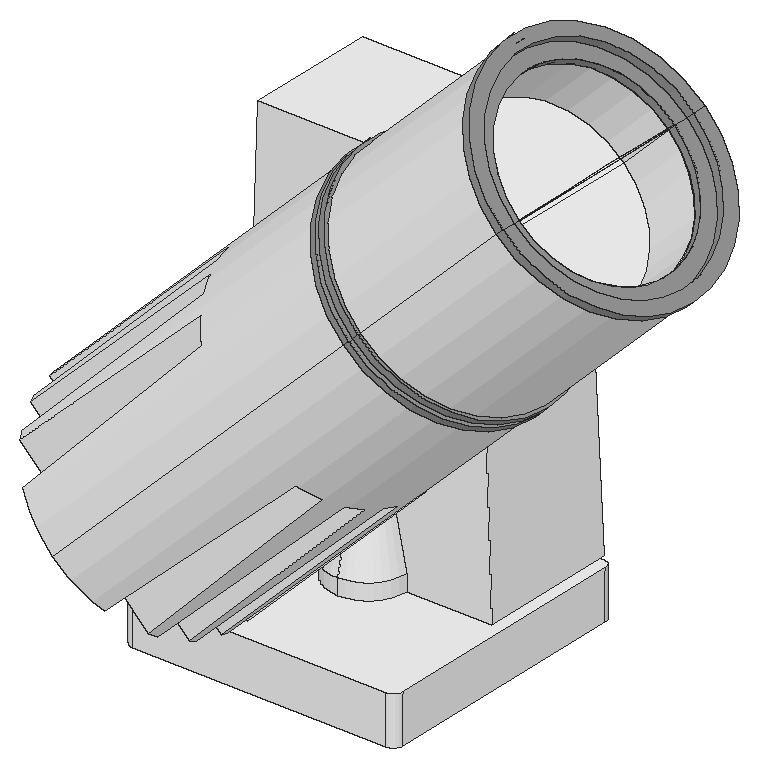
Revit family "2055960", category Lighting Fixtures, host Face, Revit 2016
Family settings
  Host = Face
  Part Type = Normal
  Round Connector Dimension = Use Diameter
  OmniClass Number = 23.80.70.00
  OmniClass Title = Lighting
  Cut with Voids When Loaded = No
  Light Source = No
  Shared = No
  Room Calculation Point = No
Parameters (values of type "2055960 BCON PRJ FRAM O/B SM 3K WH")
  Weight = "1.365 kg"
  Wattage Comments = ""
  WarrantyStartDate [instance] = "n/a"
  WarrantyGuarantorParts = "n/a"
  WarrantyDurationUnit = "n/a"
  WarrantyDurationParts = "n/a"
  WarrantyDescription = "n/a"
  Voltage = 230 V
  URL = "http://www.sylvania-lighting.com"
  TypeName = "BCON PRJ FRAM O/B SM 3K WH"
  TypeHead_SYL = Beacon LED Projector Framing Head : 2055960 BCON PRJ FRAM O/B SM 3K WH
  Type Image = <None>
  Type Comments = "n/a"
  Track_SYL = no
  Surface_SYL = not(Track_SYL)  # yes
  SerialNumber [instance] = "n/a"
  Material_3_SYL = none
  PowerFactor = 0.95
  PowerConsumption = "35 W"
  NominalLength = 0 mm
  NominalHeight = 215 mm
  NominalDepth = 185 mm
  Name = "BCON PRJ FRAM O/B SM 3K WH"
  ModelReference = Name  # "BCON PRJ FRAM O/B SM 3K WH"
  ModelNumber = "2055960"
  Model = Name  # "BCON PRJ FRAM O/B SM 3K WH"
  Material = "aluminium housing"
  ManufacturerName = "Feilo Sylvania"
  Manufacturer = "Feilo Sylvania"
  LuminousEfficacy = "14 lm/W"
  LuminaireType = ""
  LightOutputRatio = "100"
  LampsType = Lamp  # "LED"
  LampNominalLuminous = "474 lm"
  LampMacAdamStep = "3"
  LampColourTemperature = "3000 K"
  LampColourRenderingIndex = "97"
  Lamp = "LED"
  Keynote = "16500"
  InstallationDate [instance] = "n/a"
  InputVoltage = "AC 230 V"
  InputNominalFrequency = "50/60 Hz"
  IngressProtection = "IP20"
  ImpactProtectionIndex = "IK02"
  IfcExportType = "IfcLightFixtureType"
  IfcExportAs = "IfcLightFixtureType"
  HorizontalRotation_SYL [instance] = 0.00°
  EndAngle_SYL [instance] = HorizontalRotation_SYL + 180.00°  # 180.00°
  ElectricShockClassification = "Class II"
  DocumentationLiterature = "http://www.sylvania-lighting.com/product/en-int/products/2055960"
  DimmingControlOptions = "n/a"
  Material_2_SYL = Body-Sylvania-Black
  Description = "Beacon Projector offers precision light exactly where it is needed. The Framing Projector has four adjustable arms allowing the beam to be framed to the desired size shape (square/rectangle or irregular 4 sided shapes).High colour rendering CRI 97 typical. IR/UV free light source without heat radiation. LED technology provides an energy efficient solution with reduced maintenance costs."
  Default Elevation = 1219.2 mm
  CreatedOn = "3/14/2019"
  CreatedBy = "@sylvania-lighting.com"
  Cost = 0
  built-in parameter 1114216 [instance] = (empty or 0)
  ClassificationValue = "EF_70_80"
  ClassificationName = "Uniclass2015"
  Material_1_SYL = Body-Sylvania-White
  BarCode [instance] = "n/a"
  AssetType = "Fixed"
  AssetIdentifier [instance] = "n/a"
  Assembly Code = "D5020200"
  Apparent Load = 35 VA
  Material_4_SYL = none
Reference planes
  plane 1 "Center (Front/Back)": y = 0
  plane 2: z = 0
  plane 3 "Center (Left/Right)": x = 0
  plane 4: x = 7
  plane 5: x = -7
  plane 6: z = -34.5
  plane 7: z = 15
  plane 8: x = 18.5
  plane 9: x = -18.5
  plane 10: y = 48.5
  plane 11: y = -48.5
  plane 12: y = 34.5
  plane 13: y = -34.5
  plane 14: y = 77
  plane 15: y = -8
  plane 16: x = 42.5
  plane 17: x = -42.5
Forms (mm)
  Extrusion 1, solid, material "Body-Sylvania-White" <- "Material_1_SYL", visible <- "Track_SYL"
    sketch origin (0, 0, 0) x (1, 0, 0) y (0, 0, 1)
      loop
        line (-18.5, 15) -> (-18.5, 0) -> (-7, 0) -> (-7, -34.5) -> (7, -34.5) -> (7, 0) -> (18.5, 0) -> (18.5, 15) -> (-18.5, 15)
    from -48.5 to 48.5
  Extrusion 2, void
    sketch origin (0, 0, 0) x (1, 0, 0) y (0, 1, 0)
      loop
        arc (-18.5, 34.5) -> (0, 48.5) -> (18.5, 34.5) r 19.223
        line (18.5, 34.5) -> (21.5, 34.5) -> (21.5, 54.5) -> (-23.5, 54.5) -> (-23.5, 34.5) -> (-18.5, 34.5)
      loop
        line (-18.5, -34.5) -> (-23.5, -34.5) -> (-23.5, -54.5) -> (21.5, -54.5) -> (21.5, -34.5) -> (18.5, -34.5)
        arc (18.5, -34.5) -> (0, -48.5) -> (-18.5, -34.5) r 19.223
    from -34.5 to 15
  Revolve 3, solid, not visible
    sketch origin (0, 0, 0) x (0, 1, 0) y (0, 0, 1)
      loop
        line (34.5, 15) -> (48.5, 15) -> (48.5, 39.844) -> (34.5, 39.844) -> (34.5, 15)
      axis (34.5, 15) -> (34.5, 39.844)
    angle from 0 <- "HorizontalRotation_SYL" to 180 <- "EndAngle_SYL"
  Extrusion 4, solid, material "Body-Sylvania-White" <- "Material_1_SYL", visible <- "Surface_SYL"
    sketch origin (0, 0, 0) x (1, 0, 0) y (0, 1, 0)
      loop
        arc (39.5, -8) -> (41.621, -7.121) -> (42.5, -5) r 3
        line (42.5, -5) -> (42.5, 74)
        arc (42.5, 74) -> (41.621, 76.121) -> (39.5, 77) r 3
        line (39.5, 77) -> (-39.5, 77)
        arc (-39.5, 77) -> (-41.621, 76.121) -> (-42.5, 74) r 3
        line (-42.5, 74) -> (-42.5, -5)
        arc (-42.5, -5) -> (-41.621, -7.121) -> (-39.5, -8) r 3
        line (-39.5, -8) -> (39.5, -8)
    from 0 to 15
Cuts and joins
  Extrusion 2 cuts Extrusion 1
Dimensions and locks
  plane 8 to plane 4 to plane 3 "Center (Left/Right)" to plane 5 to plane 9 = 11.5 mm locked, 7 mm locked, 7 mm locked, 11.5 mm locked
  plane 7 to level to plane 6 = 15 mm locked, 34.5 mm locked
  plane 11 to plane 1 "Center (Front/Back)" to plane 10 = 48.5 mm locked, 48.5 mm locked
  plane 13 to plane 1 "Center (Front/Back)" to plane 12 = 34.5 mm locked, 34.5 mm locked
  plane 15 to plane 12 to plane 14 = 42.5 mm locked, 42.5 mm locked
  plane 16 to plane 3 "Center (Left/Right)" to plane 17 = 42.5 mm locked, 42.5 mm locked
  aligned and locked: plane 2 to host face
  aligned and locked: level to host face
  aligned and locked: plane 7 to Extrusion 1 sketch curve
  aligned and locked: level to Extrusion 1 sketch curve
  aligned and locked: Extrusion 1 sketch curve to plane 8
  aligned and locked: Extrusion 1 sketch curve to plane 6
  aligned and locked: Extrusion 1 sketch curve to plane 4
  aligned and locked: plane 5 to Extrusion 1 sketch curve
  aligned and locked: Extrusion 1 sketch curve to level
  aligned and locked: Extrusion 1 to plane 10
  aligned and locked: plane 11 to Extrusion 1
  aligned and locked: plane 12 to Extrusion 2 sketch curve  (x2)
  aligned and locked: plane 8 to Extrusion 2 sketch curve
  aligned and locked: plane 9 to Extrusion 2 sketch curve
  aligned and locked: plane 13 to Extrusion 2 sketch curve  (x3)
  aligned and locked: Extrusion 2 sketch curve to Extrusion 2 sketch curve  (x2)
  aligned and locked: plane 6 to Extrusion 2
  aligned and locked: Extrusion 2 to plane 7
  aligned and locked: Revolve 3 sketch curve to plane 12
  aligned and locked: Revolve 3 sketch curve to cut or joined group of Extrusion 1, Extrusion 2  (x2)
  aligned and locked: Revolve 3 sketch curve to plane 10
  aligned and locked: Extrusion 4 sketch curve to plane 15
  aligned and locked: Extrusion 4 sketch curve to plane 16
  aligned and locked: plane 14 to Extrusion 4 sketch curve
  aligned and locked: plane 17 to Extrusion 4 sketch curve
  aligned and locked: Extrusion 4 to plane 7
  aligned and locked: Extrusion 4 to level
  aligned and locked: nested 2 to plane 12
Nested families
  nested 1: "Beacon LED Projector Framing Gearbox" at (0, 34.5, 15) x (0, 1, 0) z (1, 0, 0), type "Type Name"
    with VerticalRotation_SYL -45.00°, EndAngle_SYL 135.00°
  nested 2: "Beacon LED Projector Framing Head" at (0, -10.5, 78) x (0, 1, 0) z (0.7071, 0, 0.7071), type <- "TypeHead_SYL", type "2055960 BCON PRJ FRAM O/B SM 3K WH"
    with built-in parameter 1114216 (empty or 0)
Connectors
  electrical at (0, 34.5, 0), driven by "Voltage", driven by "Apparent Load", driven by "PowerFactor"
    settings: on Extrusion 4, index 1, voltage 230 V, apparent load 35 VA, apparent load phase1 0 VA, apparent load phase2 0 VA, apparent load phase3 0 VA, power factor 0.95, load classification "Other", number of poles 1, system type 30, power factor state 1, is connector primary yes, connector utility no, sub classification motor no, connector description ""
Definition of nested family "Beacon LED Projector Framing Gearbox"
  Parameters (values of type "Type Name")
    VerticalRotation_SYL [instance] = 0.00°
    URL = "http://www.sylvania-lighting.com"
    Type Image = (empty or 0)
    Type Comments = "n/a"
    Material_3_SYL = none
    Model = ""
    Manufacturer = "Feilo Sylvania"
    Keynote = ""
    Material_2_SYL = none
    EndAngle_SYL [instance] = VerticalRotation_SYL + 180.00°  # 180.00°
    Description = ""
    Default Elevation = 1219.2 mm
    Cost = 0
    Material_1_SYL = none
    Assembly Code = ""
    Material_4_SYL = none
  Reference planes
    plane 1 "Center (Front/Back)": y = 0
    plane 2: z = 0
    plane 3 "Center (Left/Right)": x = 0
    plane 4: y = 5
    plane 5: y = 63
    plane 6: y = 47
    plane 7: y = 121
    plane 8: x = -3
    plane 9: x = -12
    plane 10: x = 41
    plane 11: x = 44
    plane 12: z = 38.5
    plane 13: z = -38.5
    plane 14: z = 34.5
    plane 15: z = -34.5
  Forms (mm)
    Extrusion 1, solid
      sketch origin (4.2, 0, 0) x (1, 0, 0) y (0, 1, 0)
        loop
          line (-1219.2, 1219.2) -> (-1219.2, -1219.2) -> (1219.2, -1219.2) -> (1219.2, 1219.2) -> (-1219.2, 1219.2)
      from 0 to -68.017
    Revolve 2, solid, material <- "Material_1_SYL"
      sketch origin (0, 0, 0) x (1, 0, 0) y (0, 1, 0)
        loop
          line (0, 0) -> (0, 47) -> (-3, 47) -> (-12, 5) -> (-12, 0) -> (0, 0)
        axis (0, 47) -> (0, 0)
      angle from 360 to 0
    Blend 3, solid, material <- "Material_1_SYL"
      base sketch origin (0, 0, 0) x (1, 0, 0) y (0, 0, 1)
        loop
          line (0, -38.5) -> (44, -38.5) -> (44, 38.5) -> (0, 38.5) -> (0, -38.5)
      top sketch origin (0, 0, 0) x (1, 0, 0) y (0, 0, 1)
        loop
          line (0, 34.5) -> (0, -34.5) -> (41, -34.5) -> (41, 34.5) -> (0, 34.5)
      from 0 to -121
    Revolve 4, solid, not visible
      sketch origin (0, 0, 0) x (1, 0, 0) y (0, 1, 0)
        loop
          line (0, 63) -> (-12, 63) -> (-12, 47) -> (0, 47) -> (0, 63)
        axis (0, 63) -> (-12, 63)
      angle from 0 <- "VerticalRotation_SYL" to 180 <- "EndAngle_SYL"
  Cuts and joins
    joined: Revolve 2, Blend 3
  Dimensions and locks
    plane 3 "Center (Left/Right)" to plane 10 to plane 11 = 41 mm locked, 3 mm locked
    plane 9 to plane 8 to plane 3 "Center (Left/Right)" = 9 mm locked, 3 mm locked
    plane 1 "Center (Front/Back)" to plane 4 to plane 6 to plane 5 to plane 7 = 5 mm locked, 42 mm locked, 16 mm locked, 58 mm locked
    plane 14 to level to plane 15 = 34.5 mm locked, 34.5 mm locked
    locked: plane 12 to plane 14 at 4
    locked: plane 15 to plane 13 at 4
    aligned and locked: plane 2 to Extrusion 1
    aligned and locked: level to Extrusion 1
    aligned and locked: Revolve 2 sketch curve to plane 3 "Center (Left/Right)"  (x2)
    aligned and locked: Revolve 2 sketch curve to Revolve 2 sketch curve
    aligned and locked: Revolve 2 sketch curve to plane 1 "Center (Front/Back)"
    aligned and locked: plane 4 to Revolve 2 sketch curve
    aligned and locked: plane 9 to Revolve 2 sketch curve
    aligned and locked: plane 6 to Revolve 2 sketch curve  (x2)
    aligned and locked: plane 3 "Center (Left/Right)" to Revolve 2 sketch curve
    aligned and locked: plane 13 to Blend 3 sketch curve
    aligned and locked: Blend 3 sketch curve to plane 3 "Center (Left/Right)"
    aligned and locked: Blend 3 sketch curve to plane 12
    aligned and locked: plane 11 to Blend 3 sketch curve
    aligned and locked: plane 14 to Blend 3 sketch curve
    aligned and locked: Blend 3 sketch curve to plane 15
    aligned and locked: Blend 3 sketch curve to plane 10
    aligned and locked: Blend 3 to plane 7
    aligned and locked: plane 1 "Center (Front/Back)" to Blend 3
    aligned and locked: Revolve 4 sketch curve to plane 5
    aligned and locked: Revolve 4 sketch curve to Revolve 4 sketch curve
    aligned and locked: plane 3 "Center (Left/Right)" to Revolve 4 sketch curve
    aligned and locked: plane 6 to Revolve 4 sketch curve
    aligned and locked: Revolve 4 sketch curve to plane 9
Definition of nested family "Beacon LED Projector Framing Head"
  Parameters (values of type "2055967 BCON PRJ FRAM DALI L3 4K BLK")
    Wattage Comments = "n/a"
    Wattage = 35 W
    built-in parameter 1150110 = 1 (stored number, unit not read)
    URL = "http://www.sylvania-lighting.com"
    Type Image = (empty or 0)
    Type Comments = "n/a"
    built-in parameter 1114217 = 1 (stored number, unit not read)
    Tilt Angle = -90.00°
    built-in parameter 1150109 = 1 (stored number, unit not read)
    built-in parameter 1150134 = 12
    built-in parameter 1150113 = 1 (stored number, unit not read)
    Photometric Web File = "spot_ideal.ies"
    Material_3_SYL = none
    Model = "BCON PRJ FRAM DALI L3 4K BLK"
    Manufacturer = "Feilo Sylvania"
    built-in parameter 1150105 = 49 (stored number, unit not read)
    Lumens = 490 lm
    built-in parameter 1150115 = 1 (stored number, unit not read)
    built-in parameter 1150137 = (empty or 0)
    built-in parameter 1150139 = (empty or 0)
    built-in parameter 1150112 = 1 (stored number, unit not read)
    built-in parameter 1150114 = 1 (stored number, unit not read)
    Lamp = "LED"
    Keynote = "16500"
    Material_2_SYL = none
    built-in parameter 1150132 = (empty or 0)
    built-in parameter 1150102 = (empty or 0)
    built-in parameter 1150107 = 4000 (stored number, unit not read)
    built-in parameter 1150138 = (empty or 0)
    built-in parameter 1150106 = 0.49 (stored number, unit not read)
    Emit from Circle Diameter = 61 mm
    Emit Shape Visible in Rendering = no
    built-in parameter 1150104 = 1.3006 (stored number, unit not read)
    Dimming Lamp Color Temperature Shift = (empty or 0)
    Description = "Beacon Projector offers precision light exactly where it is needed. The Framing Projector has four adjustable arms allowing the beam to be framed to the desired size shape (square/rectangle or irregular 4 sided shapes).High colour rendering CRI 97 typical. IR/UV free light source without heat radiation. LED technology provides an energy efficient solution with reduced maintenance costs."
    Default Elevation = 1219.2 mm
    Cost = 0
    Color Filter = 16777215
    built-in parameter 1114216 [instance] = (empty or 0)
    Material_1_SYL = none
    built-in parameter 1114218 = 1 (stored number, unit not read)
    built-in parameter 1150133 = 10 (stored number, unit not read)
    Assembly Code = "D5020200"
    Apparent Load = 35 VA
    Material_4_SYL = none
  Types (12, lengths in mm): name | built-in parameter 1150134 | Model | built-in parameter 1150107
    2055967 BCON PRJ FRAM DALI L3 4K BLK | 12 | "BCON PRJ FRAM DALI L3 4K BLK" | 4000 (stored number, unit not read)
    2055966 BCON PRJ FRAM DALI L3 4K WH | 12 | "BCON PRJ FRAM DALI L3 4K WH" | 4000 (stored number, unit not read)
    2055965 BCON PRJ FRAM DALI L3 3K BLK | (empty or 0) | "BCON PRJ FRAM DALI L3 3K BLK" | 3000 (stored number, unit not read)
    2055964 BCON PRJ FRAM DALI L3 3K WH | (empty or 0) | "BCON PRJ FRAM DALI L3 3K WH" | 3000 (stored number, unit not read)
    2055963 BCON PRJ FRAM O/B SM 4K BLK | 12 | "BCON PRJ FRAM O/B SM 4K BLK" | 4000 (stored number, unit not read)
    2055962 BCON PRJ FRAM O/B SM 4K WH | 12 | "BCON PRJ FRAM O/B SM 4K WH" | 4000 (stored number, unit not read)
    2055961 BCON PRJ FRAM O/B SM 3K BLK | (empty or 0) | "BCON PRJ FRAM O/B SM 3K BLK" | 3000 (stored number, unit not read)
    2055960 BCON PRJ FRAM O/B SM 3K WH | (empty or 0) | "BCON PRJ FRAM O/B SM 3K WH" | 3000 (stored number, unit not read)
    2055959 BCON PRJ FRAM O/B L3 4K BLK | 12 | "BCON PRJ FRAM O/B L3 4K BLK" | 4000 (stored number, unit not read)
    2055958 BCON PRJ FRAM O/B L3 4K WH | 12 | "BCON PRJ FRAM O/B L3 4K WH" | 4000 (stored number, unit not read)
    2055957 BCON PRJ FRAM O/B L3 3K BLK | (empty or 0) | "BCON PRJ FRAM O/B L3 3K BLK" | 3000 (stored number, unit not read)
    2055956 BCON PRJ FRAM O/B L3 3K WH | (empty or 0) | "BCON PRJ FRAM O/B L3 3K WH" | 3000 (stored number, unit not read)
  Reference planes
    plane 1 "Center (Front/Back)": y = 0
    plane 2: z = 0
    plane 3 "Center (Left/Right)": x = 0
    plane 4: x = 39.5
    plane 5: x = -39.5
    plane 6: z = -45
    plane 7: z = 155
    plane 8: z = 152.4
    plane 9: x = -38.5
    plane 10: z = 91
    plane 11: z = 84.75
    plane 12: z = 35
    plane 13: x = -35.25
    plane 14: z = 151.937
    plane 15: x = -30.5
    plane 16: z = 149.187
    plane 17: z = 88.75
    plane 18: z = 87
    plane 19: x = -37.5
    plane 20: z = 129.187
    plane 21: x = -2.5
    plane 22: x = 2.5
    plane 23: x = -4
    plane 24: x = 4
    plane 25: z = 15
    plane 26: z = -15
    plane 27: x = 45
    plane 28: x = 14.75
  Forms (mm)
    Extrusion 1, solid
      sketch origin (4.2, 0, 0) x (1, 0, 0) y (0, 1, 0)
        loop
          line (-1219.2, 1219.2) -> (-1219.2, -1219.2) -> (1219.2, -1219.2) -> (1219.2, 1219.2) -> (-1219.2, 1219.2)
      from 0 to -68.017
    Revolve 2, solid, material <- "Material_2_SYL"
      sketch origin (0, 0, 0) x (1, 0, 0) y (0, 0, 1)
        loop
          line (-30.5, 149.188) -> (-30.5, 151.938) -> (-35.25, 151.938) -> (-35.25, 155) -> (-39.5, 155) -> (-39.5, 152.4) -> (-37.5, 152.4) -> (-37.5, 149.188) -> (-30.5, 149.188)
        axis (0, 155) -> (0, 149.188)
      angle from 360 to 0
    Revolve 3, solid, material <- "Material_3_SYL"
      sketch origin (0, 0, 0) x (1, 0, 0) y (0, 0, 1)
        loop
          arc (0, 156.729) -> (-15.437, 155.524) -> (-30.5, 151.938) r 99.476
          line (-30.5, 151.938) -> (-30.5, 149.188) -> (0, 149.188) -> (0, 156.729)
        axis (0, 156.729) -> (0, 149.188)
      angle from 360 to 0
    Revolve 4, solid, material <- "Material_1_SYL"
      sketch origin (0, 0, 0) x (1, 0, 0) y (0, 0, 1)
        loop
          line (-38.5, 152.4) -> (-38.5, 91) -> (-35.25, 91) -> (-35.25, 84.75) -> (-38.5, 84.75) -> (-38.5, -45) -> (0, -45) -> (0, 129.187) -> (-30.5, 129.187) -> (-30.5, 149.188) -> (-37.5, 149.188) -> (-37.5, 152.4) -> (-38.5, 152.4)
        axis (0, 152.4) -> (0, -45)
      angle from 360 to 0
    Revolve 5, solid, material <- "Material_2_SYL"
      sketch origin (0, 0, 0) x (1, 0, 0) y (0, 0, 1)
        loop
          line (-39.5, 91) -> (-39.5, 88.75) -> (-37.5, 88.75) -> (-37.5, 87) -> (-39.5, 87) -> (-39.5, 84.75) -> (-35.25, 84.75) -> (-35.25, 91) -> (-39.5, 91)
        axis (0, 91) -> (0, 84.75)
      angle from 360 to 0
    Extrusion 6, void
      sketch origin (20, 0, 0) x (-1, 0, 0) y (0, 0, 1)
        loop
          line (17.5, 35) -> (16, -45) -> (24, -45) -> (22.5, 35) -> (17.5, 35)
      from -40 to 40
    Extrusion 7, void
      sketch origin (20, 0, 0) x (-1, 0, 0) y (0, 0, 1)
        loop
          line (27.5, 35) -> (26, -45) -> (34, -45) -> (32.5, 35) -> (27.5, 35)
      from -40 to 40
    Extrusion 8, void
      sketch origin (-20, 0, 0) x (1, 0, 0) y (0, 0, 1)
        loop
          line (2.5, 35) -> (-2.5, 35) -> (-4, -45) -> (4, -45) -> (2.5, 35)
      from -40 to 40
    Extrusion 9, void
      sketch origin (20, 0, 0) x (-1, 0, 0) y (0, 0, 1)
        loop
          line (47.5, 35) -> (46, -45) -> (54, -45) -> (52.5, 35) -> (47.5, 35)
      from -40 to 40
    Extrusion 10, void
      sketch origin (30, 0, 0) x (-1, 0, 0) y (0, 0, 1)
        loop
          line (2.5, 35) -> (-2.5, 35) -> (-4, -45) -> (4, -45) -> (2.5, 35)
      from -40 to 40
    Extrusion 11, void
      sketch origin (10, 0, 0) x (-1, 0, 0) y (0, 0, 1)
        loop
          line (2.5, 35) -> (-2.5, 35) -> (-4, -45) -> (4, -45) -> (2.5, 35)
      from -40 to 40
    Extrusion 12, void
      sketch origin (20, 0, 0) x (-1, 0, 0) y (0, 0, 1)
        loop
          line (2.5, 35) -> (-2.5, 35) -> (-4, -45) -> (4, -45) -> (2.5, 35)
      from -40 to 40
    Revolve 13, solid, material <- "Material_1_SYL"
      sketch origin (0, 0, 0) x (1, 0, 0) y (0, 0, 1)
        loop
          line (45, 15) -> (14.75, 15) -> (14.75, 0) -> (45, 0) -> (45, 15)
        axis (14.75, 0) -> (45, 0)
      angle from 360 to 0
  Cuts and joins
    Extrusion 6, Extrusion 7, Extrusion 8, Extrusion 9, Extrusion 10, Extrusion 11, Extrusion 12 cuts Revolve 4
    joined: Revolve 4, Revolve 13
  Lines and regions (mm)
    reference lines
      curve 1: line (-2.5, 0, 35) -> (-4, 0, -45)
      curve 2: line (4, 0, -45) -> (2.5, 0, 35)
  Dimensions and locks
    plane 7 to level to plane 6 = 155 mm locked, 45 mm locked
    equal spacing: plane 4, plane 3 "Center (Left/Right)", plane 5
    locked: plane 4 to plane 5 at 79
    locked: plane 7 to plane 10 at 64
    plane 10 to plane 11 = 6.25 mm
    locked: plane 7 to plane 12 at 120
    plane 3 "Center (Left/Right)" to plane 15 to plane 13 to plane 9 to plane 5 = 30.5 mm, 4.75 mm, 3.25 mm, 1 mm
    plane 7 to plane 8 to plane 14 to plane 16 = 2.6 mm locked, 0.463 mm locked, 2.75 mm locked
    locked: plane 3 "Center (Left/Right)" to plane 19 at 37.5
    locked: plane 16 to plane 20 at 20
    plane 10 to plane 17 to plane 18 = 2.25 mm locked, 1.75 mm locked
    plane 22 to plane 3 "Center (Left/Right)" to plane 21 = 2.5 mm locked, 2.5 mm locked
    plane 24 to plane 3 "Center (Left/Right)" to plane 23 = 4 mm locked, 4 mm locked
    equal spacing: group 4, group 3, group 2, group 1
    equal spacing: group 1, group 2, group 3, group 4  (x2)
    plane 25 to level to plane 26 = 15 mm locked, 15 mm locked
    locked: plane 27 to plane 3 "Center (Left/Right)" at 45
    locked: plane 28 to plane 3 "Center (Left/Right)" at 14.75
    aligned and locked: plane 2 to Extrusion 1
    aligned and locked: level to Extrusion 1
    aligned and locked: Revolve 2 sketch curve to plane 3 "Center (Left/Right)"
    aligned and locked: plane 16 to Revolve 2 sketch curve  (x2)
    aligned and locked: plane 15 to Revolve 2 sketch curve
    aligned and locked: plane 13 to Revolve 2 sketch curve
    aligned and locked: Revolve 2 sketch curve to plane 14
    aligned and locked: Revolve 2 sketch curve to plane 7
    aligned and locked: Revolve 2 sketch curve to plane 5
    aligned and locked: plane 8 to Revolve 2 sketch curve
    aligned and locked: Revolve 3 sketch curve to plane 3 "Center (Left/Right)"
    aligned and locked: Revolve 3 sketch curve to Revolve 2
    aligned and locked: Revolve 2 to Revolve 3 sketch curve
    aligned and locked: plane 3 "Center (Left/Right)" to Revolve 3 sketch curve
    aligned and locked: Revolve 4 sketch curve to plane 3 "Center (Left/Right)"
    aligned and locked: plane 10 to Revolve 4 sketch curve
    aligned and locked: Revolve 4 sketch curve to plane 13
    aligned and locked: Revolve 4 sketch curve to plane 11
    aligned and locked: Revolve 4 sketch curve to plane 9  (x2)
    aligned and locked: plane 6 to Revolve 4 sketch curve
    aligned and locked: plane 3 "Center (Left/Right)" to Revolve 4 sketch curve
    aligned and locked: plane 15 to Revolve 4 sketch curve
    aligned and locked: Revolve 4 sketch curve to plane 8
    aligned and locked: Revolve 2 sketch curve to plane 19
    aligned and locked: plane 19 to Revolve 4 sketch curve
    aligned and locked: Revolve 4 sketch curve to plane 20
    aligned and locked: Revolve 5 sketch curve to plane 3 "Center (Left/Right)"
    aligned and locked: plane 10 to Revolve 5 sketch curve
    aligned and locked: Revolve 5 sketch curve to plane 5  (x2)
    aligned and locked: plane 17 to Revolve 5 sketch curve
    aligned and locked: plane 18 to Revolve 5 sketch curve
    aligned and locked: Revolve 5 sketch curve to plane 19
    aligned and locked: plane 11 to Revolve 5 sketch curve
    aligned and locked: Revolve 5 sketch curve to Revolve 4  (x2)
    aligned and locked: plane 21 to curve 1
    aligned and locked: plane 23 to curve 1
    aligned and locked: plane 24 to curve 2
    aligned and locked: plane 22 to curve 2
    aligned and locked: Revolve 13 sketch curve to plane 25
    aligned and locked: plane 27 to Revolve 13 sketch curve
    aligned and locked: Revolve 13 sketch curve to level  (x2)
    aligned and locked: Revolve 13 sketch curve to plane 28
    aligned and locked: plane 3 "Center (Left/Right)" to imposter light
    aligned and locked: imposter light to plane 7
    aligned and locked: imposter light to plane 1 "Center (Front/Back)"
  Automatic sketch dimensions
    Extrusion 1 sketch curve to Extrusion 1 sketch curve = 2438.4 mm  (x2)
    plane 6 to Revolve 2 sketch curve = 564.6 mm
    Revolve 2 sketch curve to plane 7 = 2454.058 mm
    Revolve 3 sketch curve to plane 14 = 0 mm
    Revolve 3 sketch curve to plane 12 = 22.253 mm
    plane 6 to Revolve 3 sketch curve = 564.6 mm
    Revolve 3 sketch curve to Revolve 3 sketch curve = 2452.329 mm
    Revolve 4 sketch curve to plane 16 = 0 mm
    plane 6 to Revolve 4 sketch curve = 564.6 mm
    Revolve 4 sketch curve to plane 7 = 2454.058 mm
    plane 6 to Revolve 5 sketch curve = 564.6 mm
    Revolve 5 sketch curve to plane 7 = 2454.058 mm
    curve 2 to plane 12 = 0 mm
    curve 2 to plane 6 = 0 mm
    curve 1 to plane 6 = 0 mm
    curve 1 to plane 12 = 0 mm
    Extrusion 6 sketch curve to Extrusion 6 sketch curve = 1.5 mm
    Extrusion 6 sketch curve to Extrusion 6 sketch curve = 5 mm
    Extrusion 6 sketch curve to Extrusion 6 sketch curve = 8 mm
    Extrusion 6 sketch curve to Extrusion 6 sketch curve = 80 mm
    Extrusion 7 sketch curve to Extrusion 7 sketch curve = 1.5 mm
    Extrusion 7 sketch curve to Extrusion 7 sketch curve = 5 mm
    Extrusion 7 sketch curve to Extrusion 7 sketch curve = 8 mm
    Extrusion 7 sketch curve to Extrusion 7 sketch curve = 80 mm
    Extrusion 8 sketch curve to Extrusion 8 sketch curve = 1.5 mm
    Extrusion 8 sketch curve to Extrusion 8 sketch curve = 5 mm
    Extrusion 8 sketch curve to Extrusion 8 sketch curve = 8 mm
    Extrusion 8 sketch curve to Extrusion 8 sketch curve = 80 mm
    Extrusion 9 sketch curve to Extrusion 9 sketch curve = 1.5 mm
    Extrusion 9 sketch curve to Extrusion 9 sketch curve = 5 mm
    Extrusion 9 sketch curve to Extrusion 9 sketch curve = 8 mm
    Extrusion 9 sketch curve to Extrusion 9 sketch curve = 80 mm
    Extrusion 10 sketch curve to Extrusion 10 sketch curve = 1.5 mm
    Extrusion 10 sketch curve to Extrusion 10 sketch curve = 5 mm
    Extrusion 10 sketch curve to Extrusion 10 sketch curve = 8 mm
    Extrusion 10 sketch curve to Extrusion 10 sketch curve = 80 mm
    Extrusion 11 sketch curve to Extrusion 11 sketch curve = 1.5 mm
    Extrusion 11 sketch curve to Extrusion 11 sketch curve = 5 mm
    Extrusion 11 sketch curve to Extrusion 11 sketch curve = 8 mm
    Extrusion 11 sketch curve to Extrusion 11 sketch curve = 80 mm
    Extrusion 12 sketch curve to Extrusion 12 sketch curve = 1.5 mm
    Extrusion 12 sketch curve to Extrusion 12 sketch curve = 5 mm
    Extrusion 12 sketch curve to Extrusion 12 sketch curve = 8 mm
    Extrusion 12 sketch curve to Extrusion 12 sketch curve = 80 mm
    Revolve 13 sketch curve to plane 5 = 1495.135 mm
    plane 27 to Revolve 13 sketch curve = 1614.773 mm
